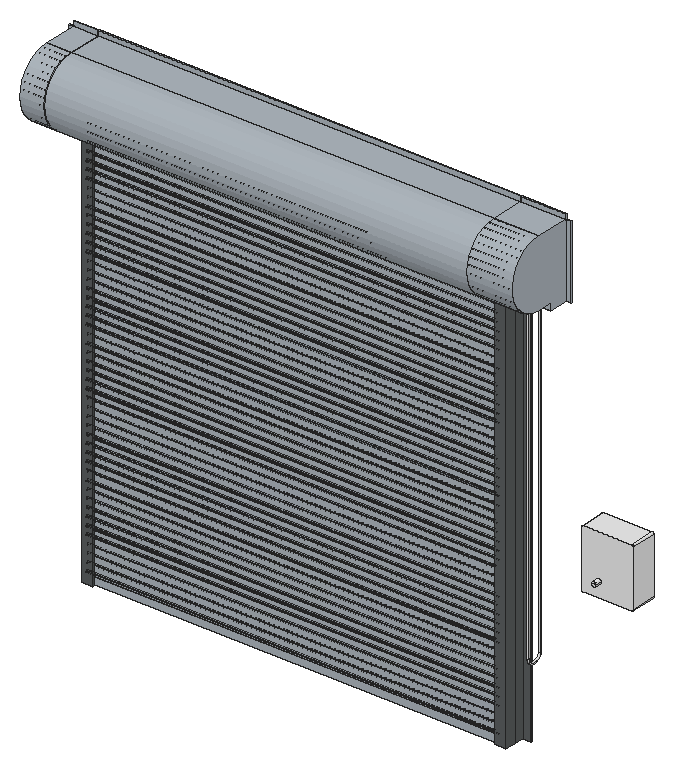
Revit family "Doors_Industrial_Wayne-Dalton_Advanced-Rolling-Door-System-Model-800C-ADV_", category Specialty Equipment, host Wall, Revit 2019
Family settings
  Host = Wall
  Round Connector Dimension = Use Diameter
  Part Type = Normal
  OmniClass Number = 23.30.10.21.34
  OmniClass Title = Industrial Doors
  Always vertical = Yes
  Cut with Voids When Loaded = Yes
  Shared = No
  Room Calculation Point = No
Parameters (values of type "208 volts, one phase, 60 Hz (208-240V range)")
  X Motor [instance] = if(or(Opening Height < 72", Opening Height = 72"), 18 1/2", if(or(Opening Height < 108", Opening Height = 108"), 20", if(or(Opening Height < 168", Opening Height = 168"), 22", 22")))  # 22"
  X ChainH [instance] = if(or(Opening Height < 72", Opening Height = 72"), 18 1/2", if(or(Opening Height < 108", Opening Height = 108"), 20", if(or(Opening Height < 168", Opening Height = 168"), 22", 22")))  # 22"
  Warning Sign [instance] = if(Calculated Area > 683.00 SF, 1 = 1, 1 = 2)  # no
  Warning (Note) [instance] = if(Warning Sign, "The Door Area is out of the limit; please adjust accordingly. The maximum allowed area is 683 sq. ft.", " ")  # " "
  Wall Thickness [instance] = 6"
  Voltage = 208 V
  True Opening Width [instance] = Clear Width  # 120"
  True Opening Height [instance] = Clear Height  # 120"
  Slat Type [instance] = "№34"  # constant formula
  Slat Option [instance] = 2  # constant formula
  Slat Length [instance] = Clear Width + G Value * 2 - 1" / 2 * 2  # 126"
  Slat Height [instance] = if(Slat < 2, 13 205/256", 12 1/4")  # 12 1/4"
  Slat [instance] = if(Slat Option < 2, 1, if(Slat Option = 2, 2, if(Slat Option = 3, 3, 4)))  # 2
  Side Room Right [instance] = 18"  # constant formula
  Side Room Left [instance] = 12"  # constant formula
  Product Page URL = "https://www.wayne-dalton.com/advanced-rolling-door-systems-800adv"
  Power Factor = 1
  Powder Coat (Note) = "Wayne Dalton also offers approximately 200 RAL powder coat options to complement the exterior colors of a building."  # constant formula
  Operator Visibility = yes
  Opening Width Real [instance] = if(Opening Width > Max Opening Width, Max Opening Width, if(Opening Width < Min Opening Width, Min Opening Width, Opening Width))  # 120"
  Opening Width [instance] = 120"
  Opening Height Real [instance] = if(Opening Height > Max Opening Height, Max Opening Height, if(Opening Height < Min Opening Height, Min Opening Height, Opening Height))  # 120"
  Opening Height [instance] = 120"
  One Array element [instance] = not(Array Vis)  # no
  Number of Poles = 1
  Min Opening Width [instance] = 18"  # constant formula
  Min Opening Height [instance] = 24"  # constant formula
  Max Opening Width [instance] = 360"  # constant formula
  Max Opening Height [instance] = 360"  # constant formula
  Material Finish [instance] = 800C ADV : Standard - Gray
  M Value [instance] = if(or(Opening Width < 108", Opening Width = 108"), 5 3/4", if(or(Opening Width < 180", Opening Width = 180"), 6 1/4", if(or(Opening Width < 240", Opening Width = 240"), 7 1/4", 9 1/4")))  # 6 1/4"
  Jambs Offset L [instance] = 0"  # constant formula
  Jambs Offset R [instance] = 0"  # constant formula
  Installation Real [instance] = Wall Thickness  # 6"
  Hood Type [instance] = "Round Hood"  # constant formula
  Hood Offset [instance] = 2"  # constant formula
  Hood Material [instance] = Metal - Wayne Dalton - Gray
  Hood Height [instance] = if(Chain Hoist or Manual, Y ChainH - 2", Y Motor - 2")  # 20"
  Y Motor [instance] = if(or(Opening Height < 72", Opening Height = 72"), 18 1/2", if(or(Opening Height < 108", Opening Height = 108"), 20", if(or(Opening Height < 168", Opening Height = 168"), 22", 22")))  # 22"
  Y ChainH [instance] = if(or(Opening Height < 72", Opening Height = 72"), 18 1/2", if(or(Opening Height < 108", Opening Height = 108"), 20", if(or(Opening Height < 168", Opening Height = 168"), 22", 22")))  # 22"
  Headroom Height Lift [instance] = Y Motor + Hood Offset  # 24"
  Headroom Height [instance] = Headroom Height Lift + 1 1/2"  # 25 1/2"
  Guide Type [instance] = "Angled Z Guide"  # constant formula
  Guid Depth [instance] = D Value  # 6 1/4"
  G Value [instance] = if(or(Opening Width < 108", Opening Width = 108"), 3", if(or(Opening Width < 180", Opening Width = 180"), 3 1/2", if(or(Opening Width < 240", Opening Width = 240"), 4", 5 9/16")))  # 3 1/2"
  Frequency = 60 Hz
  Face Of Wall Mounting [instance] = not(Between Jambs Mounting)  # yes
  Door Width True [instance] = Clear Width + M Value * 2  # 132 1/2"
  Door Width (Real) [instance] = Clear Width + 1" / 2  # 120 1/2"
  Door Height True [instance] = Clear Width + Headroom Height  # 145 1/2"
  Door Height (Real) [instance] = Clear Height + Hood Offset  # 122"
  URL = "https://www.wayne-dalton.com/"
  Product data url = "https://www.bimobject.com/wayne-dalton/product/advanced-rolling-door-systems-800c-adv"
  Product Guid = "f01131cd-de44-4067-903c-a55bd3c12f99"
  Model = "800C ADV"  # constant formula
  Manufacturer = "Wayne Dalton"  # constant formula
  Wall Closure = By host
  Floor To (CL) of Shaft [instance] = Clear Height + Hood Offset + 2" + Hood Height / 2  # 134"
  Finish Material = Finish - Wayne Dalton - Black
  Description = "Model 800C ADV Insulated Advanced Rolling Door System R-Value 7.7, U-Factor 0.13, STC 22"  # constant formula
  D Value Clearance [instance] = D Value  # 6 1/4"
  D Value [instance] = if(or(Opening Width < 108", Opening Width = 108"), 5 11/16", if(or(Opening Width < 180", Opening Width = 180"), 6 1/4", if(or(Opening Width < 240", Opening Width = 240"), 6 3/16", 7 1/16")))  # 6 1/4"
  Clearance [instance] = no
  Clear Width [instance] = Opening Width Real  # 120"
  Clear Height [instance] = Opening Height Real  # 120"
  Chain Hoist or Manual = no
  Current = 20 A
  Between Jambs Mounting [instance] = 1 = 2  # no
  Bar [instance] = 1 = 1  # yes
  Backroom Depth [instance] = X Motor - 1 1/2"  # 20 1/2"
  BJ Opening Cut [instance] = 0"  # constant formula
  Array Vis [instance] = if(Array < 2, 1 = 2, 1 = 1)  # yes
  Array Real [instance] = if(Array < 2, 2, Array)  # 10
  Array Length [instance] = (Array) * Slat Height  # 122 1/2"
  Array [instance] = rounddown(([Door Height (Real)] - 3") / Slat Height) + 1  # 10
  Calculated Area [instance] = [Door Width (Real)] * [Door Height (Real)]  # 102.09 SF
  Apparent Load Phase 3 = if(Number of Poles = 1, 0 VA, (Voltage * Current * sqrt(3)) / 3)  # 0 VA
  Apparent Load Phase 2 = if(Number of Poles = 1, 0 VA, (Voltage * Current * sqrt(3)) / 3)  # 0 VA
  Apparent Load Phase 1 = if(Number of Poles = 1, Voltage * Current, (Voltage * Current * sqrt(3)) / 3)  # 4160 VA
Reference planes (in)
  plane 1 "Center (Front/Back)": y = -14.625
  plane 2 "Center (Left/Right)": x = 0
  plane 3 "Left": x = -60
  plane 4 "Right": x = 60
  plane 5 "Exterior": y = -8.625
  plane 6 "Interior": y = -14.625
  plane 7: z = 120
  plane 8 "Main": y = -20.23437
  plane 9 "Backroom Depth": y = -35.125
  plane 10 "Main Door Block": y = -14.625
  plane 11 "Bottom Bar": z = 2.75
  plane 12: y = -20.875
  plane 13: z = 125.25
  plane 14: z = 144
  plane 15: z = 122
  plane 16: z = 145.5
  plane 17: z = 0
  plane 18: z = 60
  plane 19: y = -20.125
  plane 20 "Double Main": y = -19.656
  plane 21 "Headroom Top": z = 145.5
  plane 22: z = 134
  plane 23: x = 63.5
  plane 24: x = -63.5
  plane 25: z = 113
  plane 26: z = 124
  plane 27: x = 62.75
  plane 28: z = 2.75
  plane 29: y = -20.125
  plane 30: z = 113
  plane 31: y = -20.125
  plane 32: z = 15
  plane 33: y = -20.125
  plane 34: z = 27.25
  plane 35: y = -20.125
  plane 36: z = 39.5
  plane 37: y = -20.125
  plane 38: z = 51.75
  plane 39: y = -20.125
  plane 40: z = 64
  plane 41: y = -20.125
  plane 42: z = 76.25
  plane 43: y = -20.125
  plane 44: z = 88.5
  plane 45: y = -20.125
  plane 46: z = 100.75
  plane 47: y = -20.125
Forms (in)
  Extrusion 1, void
    sketch origin (0, -14.625, 0) x (0, 0, -1) y (-1, 0, 0)
      loop
        line (-120, 60) -> (-120, -60) -> (0, -60) -> (0, 60) -> (-120, 60)
    from 0 to 6
  Extrusion 2, solid, material "Metal - Wayne Dalton - Gray" <- "Hood Material", visible <- "Bar"
    sketch origin (0, 0, 0) x (0, 1, 0) y (0, 0, 1)
      loop
        line (-14.875, 144) -> (-14.625, 144) -> (-14.625, 145.5) -> (-14.875, 145.5) -> (-14.875, 144)
    from -63.25 to 63.25
  Extrusion 3, solid, material "Clearance - Wayne Dalton - Red", visible <- "Clearance"
    sketch origin (0, 0, 0) x (1, 0, 0) y (0, 1, 0)
      loop
        line (78.25, -14.625) -> (60.25, -14.625) -> (60.25, -20.875) -> (78.25, -20.875) -> (78.25, -14.625)
      loop
        line (-60.25, -14.625) -> (-72.25, -14.625) -> (-72.25, -20.875) -> (-60.25, -20.875) -> (-60.25, -14.625)
    from 0 to 122
Lines and regions (in)
  symbolic lines, visible <- "Bar"
    curve 1: line (63.25, -14.625, 0) -> (-63.25, -14.625, 0)
    curve 2: line (-63.25, -14.875, 0) -> (63.25, -14.875, 0)
Text (in)
  text "Exterior" at (-74.96733, 27.31104, 0), in view "Ref. Level"
  text "Interior" at (-74.96733, -25.14366, 0), in view "Ref. Level"
  text "Exterior" at (0, 40.15149, 123.01588), in view "Right"
  text "Interior" at (0, -64.39139, 123.01588), in view "Right"
  text "Interior" at (0, -31.01599, 123.00693), in view "Left"
  text "Exterior" at (0, 54.57065, 123.00693), in view "Left"
Dimensions and locks (in)
  equal spacing: plane 3 "Left", plane 2 "Center (Left/Right)", plane 4 "Right"
  "Clear Width": plane 3 "Left" to plane 4 "Right"
  level to host wall = 459.59655"
  "Clear Height": level to plane 7
  locked: plane 11 "Bottom Bar" to level at 2.75
  locked: plane 12 to plane 8 "Main" at 0.64063
  "Array Length": plane 13 to plane 11 "Bottom Bar"
  "Backroom Depth": plane 9 "Backroom Depth" to plane 10 "Main Door Block"
  locked: plane 16 to plane 14 at 1.5
  locked: Extrusion 2 sketch curve to Extrusion 2 sketch curve at 0.25
  "Installation Real": plane 1 "Center (Front/Back)" to plane 5 "Exterior"
  "Wall Thickness": host wall to host wall
  equal spacing: plane 7, plane 18, plane 17
  locked: plane 8 "Main" to plane 19 at 0.10937
  locked: plane 8 "Main" to plane 20 "Double Main" at 0.57837
  "BJ Opening Cut": Extrusion 1 sketch curve to plane 7
  locked: Extrusion 2 sketch curve to Extrusion 2 sketch curve at 1.5
  "Hood Offset": plane 15 to plane 7
  "Headroom Height": plane 21 "Headroom Top" to plane 7
  "Floor To (CL) of Shaft": plane 22 to level
  "Jambs Offset R": plane 4 "Right" to Extrusion 1 sketch curve
  "Jambs Offset L": Extrusion 1 sketch curve to plane 3 "Left"
  "G Value": plane 23 to plane 4 "Right"
  "G Value": plane 3 "Left" to plane 24
  "Guid Depth": plane 12 to plane 1 "Center (Front/Back)"
  "Slat Height": plane 13 to plane 25
  equal spacing: group 1, group 3, group 4, group 5, group 6, group 7, group 8, group 9, group 10, group 2  (x3)
  locked: plane 23 to Extrusion 2 at 0.25
  locked: plane 24 to Extrusion 2 at 0.25
  locked: plane 26 to plane 15 at 2
  "Hood Height": plane 14 to plane 26
  locked: plane 4 "Right" to plane 27 at 2.75
  "D Value Clearance": Extrusion 3 sketch curve to Extrusion 3 sketch curve
  locked: plane 4 "Right" to Extrusion 3 sketch curve at 0.25
  "Side Room Right": Extrusion 3 sketch curve to Extrusion 3 sketch curve
  locked: Extrusion 3 sketch curve to plane 3 "Left" at 0.25
  "Side Room Left": Extrusion 3 sketch curve to Extrusion 3 sketch curve
  aligned and locked: plane 5 "Exterior" to host wall
  aligned and locked: host wall to plane 6 "Interior"
  aligned and locked: level to Extrusion 1 sketch curve
  aligned and locked: Extrusion 1 to plane 5 "Exterior"
  aligned and locked: plane 6 "Interior" to Extrusion 1
  aligned and locked: Extrusion 2 sketch curve to plane 16
  aligned and locked: Extrusion 2 sketch curve to plane 6 "Interior"
  aligned and locked: curve 1 to Extrusion 2  (x2)
  aligned and locked: curve 2 to Extrusion 2  (x2)
  aligned and locked: Extrusion 2 to curve 2
  aligned and locked: level to plane 17
  aligned and locked: plane 2 "Center (Left/Right)" to nested 1
  aligned and locked: nested 2 to plane 2 "Center (Left/Right)"
  aligned and locked: nested 3 to plane 18
  aligned and locked: plane 2 "Center (Left/Right)" to nested 3
  aligned and locked: plane 11 "Bottom Bar" to nested 5
  aligned and locked: plane 19 to nested 5
  aligned and locked: nested 3 to plane 19
  aligned and locked: plane 17 to nested 12
  aligned and locked: nested 12 to plane 2 "Center (Left/Right)"
  aligned and locked: nested 12 to plane 1 "Center (Front/Back)"
  aligned and locked: Extrusion 3 sketch curve to plane 1 "Center (Front/Back)"
  aligned and locked: plane 1 "Center (Front/Back)" to Extrusion 3 sketch curve
  aligned and locked: Extrusion 3 sketch curve to Extrusion 3 sketch curve
  aligned and locked: Extrusion 3 to level
  aligned and locked: plane 15 to Extrusion 3
  aligned and locked: plane 11 "Bottom Bar" to plane 28
  aligned and locked: plane 19 to plane 29
  aligned and locked: plane 25 to plane 30
  aligned and locked: plane 31 to plane 19
  aligned and locked: plane 10 "Main Door Block" to plane 1 "Center (Front/Back)"
Automatic sketch dimensions
  plane 23 to curve 1 = 1/4"
Nested families (in)
  nested 1: "Label Annotation 1" at (0, 18.375, 0), visible <- "Warning Sign", type "Label Annotation 1"
  nested 2: "Label Annotation 1" at (0, -41.625, 0) x (-1, 0, 0) z (0, 0, 1), visible <- "Warning Sign", type "Label Annotation 1"
  nested 3: "Warning Sign" at (0, -20.125, 60), visible <- "Warning Sign", type "Warning Sign"
    with Warning Sign no
  nested 4: "800C ADV" at (0, -20.125, 2.75), Slat Option <- "Slat Option", Opening Width <- "Slat Length", type <- "Material Finish", visible <- "Array Vis", type "Standard - Gray"
    with Void Width 3/4", Void Offset 1", Void Height 3/4", Slat Width 3/4", Slat Position + Offset 13.146", Slat Position 12 1/4", Slat Option 2, Secure-Vent no, Profile #34 yes, Perforation no, Opening Width 126", Integrated Cutout no, Half Void Width 3/8", Fenestration no, Cutout Width Offset 1", Cutout Vertical Offset 0.896", #4 no, # 34 yes
  nested 5: "800C ADV" at (0, -20.125, 2.75), visible <- "One Array element", Slat Option <- "Slat Option", Opening Width <- "Slat Length", type <- "Material Finish", type "Standard - Gray"
    with Void Width 3/4", Void Offset 1", Void Height 3/4", Slat Width 3/4", Slat Position + Offset 13.146", Slat Position 12 1/4", Slat Option 2, Secure-Vent no, Profile #34 yes, Perforation no, Opening Width 126", Integrated Cutout no, Half Void Width 3/8", Fenestration no, Cutout Width Offset 1", Cutout Vertical Offset 0.896", #4 no, # 34 yes
  nested 6: "800C ADV" at (0, -20.125, 113), Slat Option <- "Slat Option", Opening Width <- "Slat Length", type <- "Material Finish", visible <- "Array Vis", type "Standard - Gray"
    with Void Width 3/4", Void Offset 1", Void Height 3/4", Slat Width 3/4", Slat Position + Offset 13.146", Slat Position 12 1/4", Slat Option 2, Secure-Vent no, Profile #34 yes, Perforation no, Opening Width 126", Integrated Cutout no, Half Void Width 3/8", Fenestration no, Cutout Width Offset 1", Cutout Vertical Offset 0.896", #4 no, # 34 yes
  nested 7: "800C ADV" at (0, -20.125, 15), Slat Option <- "Slat Option", Opening Width <- "Slat Length", type <- "Material Finish", visible <- "Array Vis", type "Standard - Gray"
    with Void Width 3/4", Void Offset 1", Void Height 3/4", Slat Width 3/4", Slat Position + Offset 13.146", Slat Position 12 1/4", Slat Option 2, Secure-Vent no, Profile #34 yes, Perforation no, Opening Width 126", Integrated Cutout no, Half Void Width 3/8", Fenestration no, Cutout Width Offset 1", Cutout Vertical Offset 0.896", #4 no, # 34 yes
  nested 8: "800C ADV" at (0, -20.125, 27.25), Slat Option <- "Slat Option", Opening Width <- "Slat Length", type <- "Material Finish", visible <- "Array Vis", type "Standard - Gray"
    with Void Width 3/4", Void Offset 1", Void Height 3/4", Slat Width 3/4", Slat Position + Offset 13.146", Slat Position 12 1/4", Slat Option 2, Secure-Vent no, Profile #34 yes, Perforation no, Opening Width 126", Integrated Cutout no, Half Void Width 3/8", Fenestration no, Cutout Width Offset 1", Cutout Vertical Offset 0.896", #4 no, # 34 yes
  nested 9: "800C ADV" at (0, -20.125, 39.5), Slat Option <- "Slat Option", Opening Width <- "Slat Length", type <- "Material Finish", visible <- "Array Vis", type "Standard - Gray"
    with Void Width 3/4", Void Offset 1", Void Height 3/4", Slat Width 3/4", Slat Position + Offset 13.146", Slat Position 12 1/4", Slat Option 2, Secure-Vent no, Profile #34 yes, Perforation no, Opening Width 126", Integrated Cutout no, Half Void Width 3/8", Fenestration no, Cutout Width Offset 1", Cutout Vertical Offset 0.896", #4 no, # 34 yes
  nested 10: "800C ADV" at (0, -20.125, 51.75), Slat Option <- "Slat Option", Opening Width <- "Slat Length", type <- "Material Finish", visible <- "Array Vis", type "Standard - Gray"
    with Void Width 3/4", Void Offset 1", Void Height 3/4", Slat Width 3/4", Slat Position + Offset 13.146", Slat Position 12 1/4", Slat Option 2, Secure-Vent no, Profile #34 yes, Perforation no, Opening Width 126", Integrated Cutout no, Half Void Width 3/8", Fenestration no, Cutout Width Offset 1", Cutout Vertical Offset 0.896", #4 no, # 34 yes
  nested 11: "800C ADV" at (0, -20.125, 64), Slat Option <- "Slat Option", Opening Width <- "Slat Length", type <- "Material Finish", visible <- "Array Vis", type "Standard - Gray"
    with Void Width 3/4", Void Offset 1", Void Height 3/4", Slat Width 3/4", Slat Position + Offset 13.146", Slat Position 12 1/4", Slat Option 2, Secure-Vent no, Profile #34 yes, Perforation no, Opening Width 126", Integrated Cutout no, Half Void Width 3/8", Fenestration no, Cutout Width Offset 1", Cutout Vertical Offset 0.896", #4 no, # 34 yes
  nested 12: "Lifts" at (0, -14.625, 0) x (-1, 0, 0) z (0, 0, 1), type "Frame Unit"
    with Round Hood yes, Right Motor Position yes, No Hood no, Hood Height 22", Headroom Height Real 24", Half Hood Height 22", Shaft Offset 10", Radius Hood 10", Headroom Height 24", Header Width 20 1/2", Floor To (CL) of Shaft 134"
  nested 13: "800C ADV" at (0, -20.125, 76.25), Slat Option <- "Slat Option", Opening Width <- "Slat Length", type <- "Material Finish", visible <- "Array Vis", type "Standard - Gray"
    with Void Width 3/4", Void Offset 1", Void Height 3/4", Slat Width 3/4", Slat Position + Offset 13.146", Slat Position 12 1/4", Slat Option 2, Secure-Vent no, Profile #34 yes, Perforation no, Opening Width 126", Integrated Cutout no, Half Void Width 3/8", Fenestration no, Cutout Width Offset 1", Cutout Vertical Offset 0.896", #4 no, # 34 yes
  nested 14: "800C ADV" at (0, -20.125, 88.5), Slat Option <- "Slat Option", Opening Width <- "Slat Length", type <- "Material Finish", visible <- "Array Vis", type "Standard - Gray"
    with Void Width 3/4", Void Offset 1", Void Height 3/4", Slat Width 3/4", Slat Position + Offset 13.146", Slat Position 12 1/4", Slat Option 2, Secure-Vent no, Profile #34 yes, Perforation no, Opening Width 126", Integrated Cutout no, Half Void Width 3/8", Fenestration no, Cutout Width Offset 1", Cutout Vertical Offset 0.896", #4 no, # 34 yes
  nested 15: "800C ADV" at (0, -20.125, 100.75), Slat Option <- "Slat Option", Opening Width <- "Slat Length", type <- "Material Finish", visible <- "Array Vis", type "Standard - Gray"
    with Void Width 3/4", Void Offset 1", Void Height 3/4", Slat Width 3/4", Slat Position + Offset 13.146", Slat Position 12 1/4", Slat Option 2, Secure-Vent no, Profile #34 yes, Perforation no, Opening Width 126", Integrated Cutout no, Half Void Width 3/8", Fenestration no, Cutout Width Offset 1", Cutout Vertical Offset 0.896", #4 no, # 34 yes
Connectors (in)
  electrical at (95, -22.165, 59.98825), driven by "Apparent Load Phase 1", driven by "Apparent Load Phase 2", driven by "Apparent Load Phase 3", driven by "Power Factor", driven by "Voltage", driven by "Number of Poles"
    settings: on nested 12, index 1, voltage 208 V, apparent load 0 VA, apparent load phase1 4160 VA, apparent load phase2 0 VA, apparent load phase3 0 VA, power factor 1, load classification "Other", number of poles 1, system type 31, power factor state 1, is connector primary yes, connector utility no, sub classification motor no, connector description "Electrical Connector"
Definition of nested family "800C ADV"
  Parameters (values of type "Standard - Biege")
    Void Width [instance] = 3/4"  # constant formula
    Void Offset [instance] = if(Integrated Cutout, 0", 1")  # 1"
    Void Height [instance] = if([Secure-Vent], 2.2", 3/4")  # 3/4"
    Standard = yes
    Slat Width [instance] = if(Slat Option < 2, 7/8", 3/4")  # 7/8"
    Slat Position + Offset [instance] = Slat Position + Cutout Vertical Offset  # 14.696"
    Slat Position [instance] = if(Slat Option < 2, 2.76" * 5, 2.45" * 5)  # 13.8"
    Slat Option [instance] = 1
    Secure-Vent [instance] = if(Slat Option > 2, 1 = 1, 1 = 2)  # no
    Rough Height = 0"
    Profile #34 [instance] = or(# 34, [Secure-Vent])  # no
    Perforation [instance] = [Secure-Vent]  # no
    Half Void Width [instance] = Void Width / 2  # 3/8"
    Fenestration Large = no
    Fenestration [instance] = if(and(Integrated Cutout, not(Perforation)), 1 = 1, 1 = 2)  # no
    Cutout Width Offset [instance] = 1"  # constant formula
    Cutout Material Perforation = none
    Cutout Material = none
    Panel Material = none
    Opening Width [instance] = 123 5/8"
    Cutout Vertical Offset [instance] = 0.896"  # constant formula
    Default Elevation = 48"
    Integrated Cutout [instance] = if(and(Fenestration Large, Slat Option = 2), 1 = 1, if(and(Perforation, Slat Option > 2), 1 = 1, 1 = 2))  # no
    Analytic Construction = "<None>"
    #4 [instance] = if(Slat Option < 2, 1 = 1, 1 = 2)  # yes
    # 34 [instance] = if(Slat Option = 2, 1 = 1, 1 = 2)  # no
  Types (6): name | Standard | Fenestration Large
    Standard - White | yes | no
    Standard - Gray | yes | no
    Vision lites 0.75”x5” - Gray | no | yes
    Vision lites 0.75”x5” - Beige | no | yes
    Vision lites 0.75”x5” - White | no | yes
    Standard - Biege | yes | no
  Reference planes (in)
    plane 1 "Center (Front/Back)": y = 0
    plane 2: z = 0
    plane 3 "Center (Left/Right)": x = 0
    plane 4: x = -61.8125
    plane 5: x = 61.8125
    plane 6: y = 0.875
    plane 7: y = 0
    plane 8: y = 0.4375
    plane 9: y = 0.5
    plane 10: x = -60.8125
    plane 11: x = 60.8125
  Forms (in)
    Extrusion 1, solid, material <- "Panel Material", visible <- "Profile #34"
      sketch origin (0, -4.98186, 13.12534) x (0, 1, 0) y (0, 0, 1)
        loop
          arc (5.73195, -8.66795) -> (5.71054, -8.61155) -> (5.65711, -8.58356) r 0.085
          line (5.65711, -8.58356) -> (5.18025, -8.52611) -> (5.64695, -8.52611)
          arc (5.64695, -8.52611) -> (5.70705, -8.50122) -> (5.73195, -8.44111) r 0.085
          line (5.73195, -8.44111) -> (5.73195, -6.21795)
          arc (5.73195, -6.21795) -> (5.71054, -6.16155) -> (5.65711, -6.13356) r 0.085
          line (5.65711, -6.13356) -> (5.18025, -6.07611) -> (5.64695, -6.07611)
          arc (5.64695, -6.07611) -> (5.70705, -6.05122) -> (5.73195, -5.99111) r 0.085
          line (5.73195, -5.99111) -> (5.73195, -3.76795)
          arc (5.73195, -3.76795) -> (5.71054, -3.71155) -> (5.65711, -3.68356) r 0.085
          line (5.65711, -3.68356) -> (5.18025, -3.62611) -> (5.64695, -3.62611)
          arc (5.64695, -3.62611) -> (5.70705, -3.60122) -> (5.73195, -3.54111) r 0.085
          line (5.73195, -3.54111) -> (5.73195, -1.31795)
          arc (5.73195, -1.31795) -> (5.71054, -1.26155) -> (5.65711, -1.23356) r 0.085
          line (5.65711, -1.23356) -> (5.06395, -1.16211)
          arc (5.06395, -1.16211) -> (5.04824, -1.15387) -> (5.04194, -1.13729) r 0.025
          line (5.04194, -1.13729) -> (5.04194, -1.02403)
          arc (5.04194, -1.02403) -> (5.39312, -0.79238) -> (4.98194, -0.88137) r 0.214
          line (4.98194, -0.88137) -> (4.98194, -3.07421)
          arc (4.98194, -3.07421) -> (5.3755, -3.06636) -> (5.67195, -3.32534) r 0.54569
          line (5.67195, -3.32534) -> (5.67195, -3.54111)
          arc (5.67195, -3.54111) -> (5.66462, -3.55879) -> (5.64695, -3.56611) r 0.025
          line (5.64695, -3.56611) -> (5.04194, -3.56611) -> (5.04194, -3.47403)
          arc (5.04194, -3.47403) -> (5.39312, -3.24238) -> (4.98194, -3.33137) r 0.214
          line (4.98194, -3.33137) -> (4.98194, -5.52421)
          arc (4.98194, -5.52421) -> (5.3755, -5.51636) -> (5.67195, -5.77534) r 0.54569
          line (5.67195, -5.77534) -> (5.67195, -5.99111)
          arc (5.67195, -5.99111) -> (5.66462, -6.00879) -> (5.64695, -6.01611) r 0.025
          line (5.64695, -6.01611) -> (5.04194, -6.01611) -> (5.04194, -5.92403)
          arc (5.04194, -5.92403) -> (5.39312, -5.69238) -> (4.98194, -5.78137) r 0.214
          line (4.98194, -5.78137) -> (4.98194, -7.97421)
          arc (4.98194, -7.97421) -> (5.3755, -7.96636) -> (5.67195, -8.22534) r 0.54569
          line (5.67195, -8.22534) -> (5.67195, -8.44111)
          arc (5.67195, -8.44111) -> (5.66462, -8.45879) -> (5.64695, -8.46611) r 0.025
          line (5.64695, -8.46611) -> (5.04194, -8.46611) -> (5.04194, -8.37403)
          arc (5.04194, -8.37403) -> (5.39312, -8.14238) -> (4.98194, -8.23137) r 0.214
          line (4.98194, -8.23137) -> (4.98194, -10.42421)
          arc (4.98194, -10.42421) -> (5.3755, -10.41636) -> (5.67195, -10.67534) r 0.54569
          line (5.67195, -10.67534) -> (5.67195, -10.89111)
          arc (5.67195, -10.89111) -> (5.66462, -10.90879) -> (5.64695, -10.91611) r 0.025
          line (5.64695, -10.91611) -> (5.04194, -10.91611) -> (5.04194, -10.82403)
          arc (5.04194, -10.82403) -> (5.39312, -10.59238) -> (4.98194, -10.68137) r 0.214
          line (4.98194, -10.68137) -> (4.98194, -12.87421)
          arc (4.98194, -12.87421) -> (5.3755, -12.86636) -> (5.67195, -13.12534) r 0.54569
          line (5.67195, -13.12534) -> (5.67195, -13.34111)
          arc (5.67195, -13.34111) -> (5.66462, -13.35879) -> (5.64695, -13.36611) r 0.025
          line (5.64695, -13.36611) -> (5.04195, -13.36611) -> (5.04195, -13.2739)
          arc (5.04195, -13.2739) -> (5.39421, -13.04524) -> (4.98195, -13.12534) r 0.21392
          line (4.98195, -13.12534) -> (4.98195, -13.34111)
          arc (4.98195, -13.34111) -> (5.00684, -13.40122) -> (5.06695, -13.42611) r 0.085
          line (5.06695, -13.42611) -> (5.64695, -13.42611)
          arc (5.64695, -13.42611) -> (5.70705, -13.40122) -> (5.73195, -13.34111) r 0.085
          line (5.73195, -13.34111) -> (5.73195, -11.11795)
          arc (5.73195, -11.11795) -> (5.71054, -11.06155) -> (5.65711, -11.03356) r 0.085
          line (5.65711, -11.03356) -> (5.18025, -10.97611) -> (5.64695, -10.97611)
          arc (5.64695, -10.97611) -> (5.70705, -10.95122) -> (5.73195, -10.89111) r 0.085
          line (5.73195, -10.89111) -> (5.73195, -8.66795)
      from -61.8125 to 61.8125
    Extrusion 2, void
      sketch origin (0, 0, 0) x (0, 1, 0) y (0, 0, 1)
        loop
          line (1.125, 1.271) -> (1.125, 0.521) -> (1.875, 0.521) -> (1.875, 1.271) -> (1.125, 1.271)
        loop
          line (1.125, 4.031) -> (1.125, 3.281) -> (1.875, 3.281) -> (1.875, 4.031) -> (1.125, 4.031)
        loop
          line (1.125, 6.791) -> (1.125, 6.041) -> (1.875, 6.041) -> (1.875, 6.791) -> (1.125, 6.791)
        loop
          line (1.125, 9.551) -> (1.125, 8.801) -> (1.875, 8.801) -> (1.875, 9.551) -> (1.125, 9.551)
        loop
          line (1.125, 12.311) -> (1.125, 11.561) -> (1.875, 11.561) -> (1.875, 12.311) -> (1.125, 12.311)
      from -60.8125 to 60.8125
  Cuts and joins
    Extrusion 2 cuts Extrusion 1
  Lines and regions (in)
    reference lines
      curve 1: line (0, -4.98186, 12.78) -> (0, 10.3327, 12.78)
      curve 2: line (0, -2.86663, 14.696) -> (0, 7.97837, 14.696)
      curve 3: line (0, -2.86663, 11.936) -> (0, 7.97837, 11.936)
      curve 4: line (0, -2.86663, 9.176) -> (0, 7.97837, 9.176)
      curve 5: line (0, -2.86663, 6.416) -> (0, 7.97837, 6.416)
      curve 6: line (0, -2.86663, 0.896) -> (0, 7.97837, 0.896)
      curve 7: line (0, -2.86663, 3.656) -> (0, 7.97837, 3.656)
  Dimensions and locks (in)
    equal spacing: plane 4, plane 3 "Center (Left/Right)", plane 5
    "Opening Width": plane 4 to plane 5
    "Slat Width": plane 1 "Center (Front/Back)" to plane 6
    equal spacing: plane 1 "Center (Front/Back)", plane 8, plane 6
    "Half Void Width": plane 9 to plane 6
    "Cutout Width Offset": plane 4 to plane 10
    "Cutout Width Offset": plane 5 to plane 11
    "Void Height": Extrusion 2 sketch curve to Extrusion 2 sketch curve  (x5)
    "Void Width": Extrusion 2 sketch curve to Extrusion 2 sketch curve
    "Void Offset": plane 6 to Extrusion 2 sketch curve
    locked: curve 1 to level at 12.78
    "Slat Position": curve 6 to curve 2
    equal spacing: Extrusion 2 sketch curve, curve 3, Extrusion 2 sketch curve
    equal spacing: Extrusion 2 sketch curve, curve 4, Extrusion 2 sketch curve
    equal spacing: Extrusion 2 sketch curve, curve 6, Extrusion 2 sketch curve
    equal spacing: Extrusion 2 sketch curve, curve 5, Extrusion 2 sketch curve
    equal spacing: curve 6, curve 7, curve 5, curve 4, curve 3, curve 2
    equal spacing: Extrusion 2 sketch curve, curve 7, Extrusion 2 sketch curve
    "Cutout Vertical Offset": curve 6 to plane 2
    aligned and locked: plane 2 to level
    aligned and locked: plane 1 "Center (Front/Back)" to plane 7
    aligned and locked: plane 5 to Extrusion 1
    aligned and locked: plane 4 to Extrusion 1
    aligned and locked: plane 9 to nested 1
    aligned and locked: plane 3 "Center (Left/Right)" to nested 1
    aligned and locked: Extrusion 2 sketch curve to Extrusion 2 sketch curve  (x8)
    aligned and locked: plane 10 to Extrusion 2
    aligned and locked: plane 11 to Extrusion 2
    aligned and locked: plane 3 "Center (Left/Right)" to nested 2
    aligned and locked: plane 3 "Center (Left/Right)" to nested 3
    aligned and locked: plane 3 "Center (Left/Right)" to nested 4
    aligned and locked: plane 3 "Center (Left/Right)" to nested 5
    aligned and locked: plane 9 to nested 2
    aligned and locked: plane 9 to nested 3
    aligned and locked: plane 9 to nested 4
    aligned and locked: plane 9 to nested 5
    aligned and locked: plane 9 to nested 10
    aligned and locked: plane 9 to nested 9
    aligned and locked: plane 9 to nested 8
    aligned and locked: plane 9 to nested 7
    aligned and locked: plane 9 to nested 6
  Automatic sketch dimensions
    plane 1 "Center (Front/Back)" to curve 1 = 4.98186"
    plane 1 "Center (Front/Back)" to curve 7 = 2.86663"
    curve 1 to curve 2 = 2.11523"
    curve 5 to curve 7 = 0"
    curve 3 to curve 2 = 0"  (x2)
    curve 6 to curve 7 = 0"
    curve 4 to curve 3 = 0"
    curve 2 to plane 6 = 7.10337"
    curve 5 to plane 6 = 7.10337"
    curve 4 to curve 5 = 0"
    curve 6 to curve 5 = 0"
    curve 7 to curve 5 = 0"
    curve 2 to curve 1 = 2.35433"
    Extrusion 1 sketch curve to Extrusion 1 sketch curve = 0"  (x26)
    curve 1 to Extrusion 1 sketch curve = 4.98194"
    curve 1 to Extrusion 1 sketch curve = 0.53603"
    Extrusion 1 sketch curve to Extrusion 1 sketch curve = 0.06"  (x9)
    curve 1 to Extrusion 1 sketch curve = 0.81676"
    Extrusion 1 sketch curve to Extrusion 1 sketch curve = 0.02201"
    Extrusion 1 sketch curve to Extrusion 1 sketch curve = 0.00299"
    Extrusion 1 sketch curve to Extrusion 1 sketch curve = 0.025"  (x6)
    Extrusion 1 sketch curve to Extrusion 1 sketch curve = 0.1383"  (x4)
    Extrusion 1 sketch curve to Extrusion 1 sketch curve = 0.00862"  (x4)
    Extrusion 1 sketch curve to Extrusion 1 sketch curve = 0.12192"
    Extrusion 1 sketch curve to Extrusion 1 sketch curve = 0.21392"  (x5)
    Extrusion 1 sketch curve to Extrusion 1 sketch curve = 0.15392"
    Extrusion 1 sketch curve to Extrusion 1 sketch curve = 0.45808"  (x5)
    Extrusion 1 sketch curve to Extrusion 1 sketch curve = 0.58299"
    Extrusion 1 sketch curve to Extrusion 1 sketch curve = 0.01017"  (x5)
    curve 1 to Extrusion 1 sketch curve = 3.33821"
    curve 1 to Extrusion 1 sketch curve = 0.88821"
    Extrusion 1 sketch curve to Extrusion 1 sketch curve = 0.085"
    Extrusion 1 sketch curve to Extrusion 1 sketch curve = 1.75626"  (x4)
    Extrusion 1 sketch curve to Extrusion 1 sketch curve = 0.25114"  (x4)
    Extrusion 1 sketch curve to Extrusion 1 sketch curve = 0.00603"  (x3)
    Extrusion 1 sketch curve to Extrusion 1 sketch curve = 0.21577"  (x4)
    Extrusion 1 sketch curve to Extrusion 1 sketch curve = 0.2538"
    Extrusion 1 sketch curve to Extrusion 1 sketch curve = 0.06721"
    Extrusion 1 sketch curve to Extrusion 1 sketch curve = 0.04697"
    Extrusion 1 sketch curve to Extrusion 1 sketch curve = 0.09209"
    Extrusion 1 sketch curve to Extrusion 1 sketch curve = 0.14265"
    Extrusion 1 sketch curve to Extrusion 1 sketch curve = 0.11326"
  Nested families (in)
    nested 1: "Perforation" at (0, 0.5, 0.896), visible <- "Fenestration", Perforation <- "Cutout Material", type "Perforation"
      with Thickness 3/4"
    nested 2: "Perforation" at (0, 0.5, 3.656), visible <- "Fenestration", Perforation <- "Cutout Material", type "Perforation"
      with Thickness 3/4"
    nested 3: "Perforation" at (0, 0.5, 6.416), visible <- "Fenestration", Perforation <- "Cutout Material", type "Perforation"
      with Thickness 3/4"
    nested 4: "Perforation" at (0, 0.5, 9.176), visible <- "Fenestration", Perforation <- "Cutout Material", type "Perforation"
      with Thickness 3/4"
    nested 5: "Perforation" at (0, 0.5, 11.936), visible <- "Fenestration", Perforation <- "Cutout Material", type "Perforation"
      with Thickness 3/4"
    nested 6: "Perforation" at (0, 0.5, 11.936), visible <- "Perforation", Perforation <- "Cutout Material Perforation", type "Perforation"
      with Perforation none, Thickness 3/4"
    nested 7: "Perforation" at (0, 0.5, 9.176), visible <- "Perforation", Perforation <- "Cutout Material Perforation", type "Perforation"
      with Perforation none, Thickness 3/4"
    nested 8: "Perforation" at (0, 0.5, 6.416), visible <- "Perforation", Perforation <- "Cutout Material Perforation", type "Perforation"
      with Perforation none, Thickness 3/4"
    nested 9: "Perforation" at (0, 0.5, 3.656), visible <- "Perforation", Perforation <- "Cutout Material Perforation", type "Perforation"
      with Perforation none, Thickness 3/4"
    nested 10: "Perforation" at (0, 0.5, 0.896), visible <- "Perforation", Perforation <- "Cutout Material Perforation", type "Perforation"
      with Perforation none, Thickness 3/4"
  Definition of nested family "Perforation"
    Parameters (values of type "Perforation")
      Thickness = 0.06"
      Perforation [instance] = none
      Opening Width = 123 5/8"
      Offset = 1"
      Height = 3/4"
      Default Elevation = 48"
    Reference planes (in)
      plane 1 "Center (Front/Back)": y = 0
      plane 2: z = 0
      plane 3 "Center (Left/Right)": x = 0
      plane 4: z = 0.375
      plane 5: z = -0.375
      plane 6: y = -0.03
      plane 7: y = 0.03
      plane 8: x = -61.8125
      plane 9: x = 61.8125
      plane 10: x = -60.8125
      plane 11: x = 60.8125
    Forms (in)
      Extrusion 1, solid, material <- "Perforation"
        sketch origin (0, -0.19, 0) x (0, 1, 0) y (0, 0, 1)
          loop
            line (0.16, 0.375) -> (0.16, -0.375) -> (0.22, -0.375) -> (0.22, 0.375) -> (0.16, 0.375)
        from -60.8125 to 60.8125
    Dimensions and locks (in)
      equal spacing: plane 4, level, plane 5
      "Height": plane 4 to plane 5
      equal spacing: plane 6, plane 1 "Center (Front/Back)", plane 7
      "Thickness": plane 6 to plane 7
      "Opening Width": plane 8 to plane 9
      "Offset": plane 8 to plane 10
      "Offset": plane 9 to plane 11
      equal spacing: plane 8, plane 3 "Center (Left/Right)", plane 9
      aligned and locked: plane 2 to level
      aligned and locked: plane 4 to Extrusion 1
      aligned and locked: Extrusion 1 to plane 5
      aligned and locked: plane 6 to Extrusion 1
      aligned and locked: plane 7 to Extrusion 1
      aligned and locked: Extrusion 1 to plane 10
      aligned and locked: plane 11 to Extrusion 1
    Automatic sketch dimensions
      Extrusion 1 sketch curve to level = 3/8"
      plane 1 "Center (Front/Back)" to Extrusion 1 sketch curve = 0.03"
      Extrusion 1 sketch curve to plane 1 "Center (Front/Back)" = 0.03"
      plane 4 to Extrusion 1 sketch curve = 0"
Definition of nested family "Lifts"
  Parameters (values of type "Frame Unit")
    True Width = if(Between Jambs, Opening Width, Opening Width + 1/2")  # 120 1/2"
    Slat Option = 1
    Side Clearance R Real = Side Clearance R + 1/4"  # 18 1/4"
    Side Clearance R = 18"
    Side Clearance L Real = Side Clearance L + 1/4"  # 12 1/4"
    Side Clearance L = 12"
    Round Hood [instance] = 1 = 1  # yes
    Rough Width = 0"
    Rough Height = 0"
    Right Motor Position [instance] = yes
    No Hood [instance] = no
    M Value = 6 1/4"
    Hood Offset = 2"
    Hood Height = Headroom Height Real - Hood Offset  # 18 1/2"
    Headroom Height Real = Headroom Height  # 20 1/2"
    Half Hood Height = Headroom Height - Hood Offset  # 18 1/2"
    Guide Z Wide R = M Value - G Value  # 2 3/4"
    Guide Z Wide L = M Value - G Value  # 2 3/4"
    Guide Offset R = BJ Displacement R + G Value  # 3 1/2"
    Guide Offset L = BJ Displacement L + G Value  # 3 1/2"
    G Value = 3 1/2"
    E Guide Width R = if(Between Jambs, Guide Offset R - G Value, 3")  # 3"
    E Guide Width L = if(Between Jambs, Guide Offset L - G Value, 3")  # 3"
    E Guide Height = 3"  # constant formula
    Z Guide = 1 = 1  # yes
    Slat Material = none
    Shaft Offset = (Hood Height - 2") / 2  # 8 1/4"
    Shaft Material = none
    Shaft Length 2 = G Value + 4"  # 7 1/2"
    Shaft Length 1 = G Value + 4"  # 7 1/2"
    Setback = if(Between Jambs, 0", 1/4")  # 1/4"
    Radius Hood = Shaft Offset  # 8 1/4"
    Opening Width = 120"
    Hood Material = none
    Headroom Height = 20 1/2"
    Header Width = 17"
    Opening Height = 120"
    Guide Type = if(Between Jambs, "Angled Between Jambs Z Guide", if(Guide Option > 1, "Angled Z Guide", "Angled E Guide"))  # "Angled Z Guide"
    Guide Option = if(Between Jambs, 1, 2)  # 2
    Guide Z Height = 3"  # constant formula
    Floor To (CL) of Shaft = 132 1/4"
    Finish Material = none
    Face to Wall Mount = not(Between Jambs)  # yes
    E Guide = if(Between Jambs, 1 = 1, 1 = 2)  # no
    D Value = 6 1/4"
    Chain offset = if(Opening Height < 35", Opening Height - 5", 30")  # 30"
    Between Jambs = no
    BJ Position = if(Between Jambs, 1/4", 0")  # 0"
    BJ Displacement R = if(Face to Wall Mount, 0", Side Clearance R - G Value)  # 0"
    BJ Displacement L = if(Face to Wall Mount, 0", Side Clearance L - G Value)  # 0"
    Angled Guide = 1 = 1  # yes
  Reference planes (in)
    plane 1 "Center (Front/Back)": y = 0
    plane 2: z = 0
    plane 3 "Center (Left/Right)": x = 0
    plane 4 "Opening Height": z = 120
    plane 5: x = -67.5
    plane 6: x = 67.5
    plane 7: z = 140.5
    plane 8: y = 17
    plane 9 "Real Opening 2": x = -60
    plane 10 "Real Opening 1": x = 60
    plane 11: z = 122
    plane 12 "Main": y = 0
    plane 13: z = 132.25
    plane 14: x = 63.5
    plane 15: x = -63.5
    plane 16: x = -63.5
    plane 17: x = 63.5
    plane 18: y = 6.25
    plane 19: x = -63.25
    plane 20: x = 63.25
    plane 21: z = 142
    plane 22: y = 6.25
    plane 23: y = 5.125
    plane 24: y = 6.25
    plane 25: y = 5.125
    plane 26: x = 70.75
    plane 27: x = -76.75
    plane 28: x = 70.5
    plane 29: x = -76.5
    plane 30: x = -95
    plane 31: z = 60
    plane 32: y = 7.54
    plane 33: z = 124
    plane 34: z = 30
    plane 35: z = 0
    plane 36: x = -74
    plane 37: x = -78.25
    plane 38: x = 72.25
  Forms (in)
    Extrusion 1, solid, material <- "Slat Material"
      sketch origin (0, 0, 0) x (0, 1, 0) y (0, 0, 1)
        loop
          line (5.5, 2.375) -> (5.5, 2.75) -> (4.75, 2.75) -> (4.75, 2.375) -> (5.5, 2.375)
      from -63.25 to 63.25
    Extrusion 2, solid, material <- "Slat Material"
      sketch origin (0, 0, 0) x (0, 1, 0) y (0, 0, 1)
        loop
          line (5.5, 2.375) -> (4.75, 2.375) -> (4.75, 0) -> (5.5, 0) -> (5.5, 2.375)
      from -63.25 to 63.25
    Extrusion 3, solid, material <- "Shaft Material"
      sketch origin (0, -5.35201, 0) x (0, 1, 0) y (0, 0, 1)
        loop
          circle (14.10201, 132.25) r 0.6
      from -76.5 to 70.5
    Extrusion 4, solid, material <- "Hood Material"
      sketch origin (0, 0, 0) x (0, 1, 0) y (0, 0, 1)
        loop
          line (0, 140.5) -> (0, 122) -> (6, 122) -> (6, 124) -> (8.75, 124)
          arc (8.75, 124) -> (17, 132.25) -> (8.75, 140.5) r 8.25
          line (8.75, 140.5) -> (0, 140.5)
      from -76.75 to 70.75
    Extrusion 5, solid, material <- "Finish Material", visible <- "Z Guide"
      sketch origin (0, 0, 0) x (1, 0, 0) y (0, 1, 0)
        loop
          line (66.25, 0) -> (66.25, 0.062)
          arc (66.25, 0.062) -> (66.19494, 0.19494) -> (66.062, 0.25) r 0.188
          line (66.062, 0.25) -> (63.75, 0.25) -> (63.75, 2.812)
          arc (63.75, 2.812) -> (63.69494, 2.94494) -> (63.562, 3) r 0.188
          line (63.562, 3) -> (63.5, 3) -> (63.5, 0) -> (66.25, 0)
        loop
          line (-66.25, 0) -> (-63.5, 0) -> (-63.5, 3) -> (-63.562, 3)
          arc (-63.562, 3) -> (-63.69494, 2.94494) -> (-63.75, 2.812) r 0.188
          line (-63.75, 2.812) -> (-63.75, 0.25) -> (-66.062, 0.25)
          arc (-66.062, 0.25) -> (-66.19494, 0.19494) -> (-66.25, 0.062) r 0.188
          line (-66.25, 0.062) -> (-66.25, 0)
      from 0 to 122
    Extrusion 6, solid, material <- "Finish Material", visible <- "Angled Guide"
      sketch origin (0, 0, 0) x (1, 0, 0) y (0, 1, 0)
        loop
          line (60.25, 6.25) -> (60.25, 6.187)
          arc (60.25, 6.187) -> (60.30477, 6.05477) -> (60.437, 6) r 0.187
          line (60.437, 6) -> (63.25, 6) -> (63.25, 4.25) -> (60.25, 4.25) -> (60.25, 4.187)
          arc (60.25, 4.187) -> (60.30477, 4.05477) -> (60.437, 4) r 0.187
          line (60.437, 4) -> (63, 4) -> (63, 2) -> (63.5, 2) -> (63.5, 6.25) -> (60.25, 6.25)
        loop
          line (-60.25, 6.25) -> (-63.5, 6.25) -> (-63.5, 2) -> (-63, 2) -> (-63, 4) -> (-60.437, 4)
          arc (-60.437, 4) -> (-60.30477, 4.05477) -> (-60.25, 4.187) r 0.187
          line (-60.25, 4.187) -> (-60.25, 4.25) -> (-63.25, 4.25) -> (-63.25, 6) -> (-60.437, 6)
          arc (-60.437, 6) -> (-60.30477, 6.05477) -> (-60.25, 6.187) r 0.187
          line (-60.25, 6.187) -> (-60.25, 6.25)
      from 0 to 120
    Extrusion 7, solid, material <- "Hood Material"
      sketch origin (0, 35, 0) x (0, 1, 0) y (0, 0, 1)
        loop
          line (-35, 140.5) -> (-35, 122) -> (-29, 122) -> (-29, 124) -> (-26.25, 124)
          arc (-26.25, 124) -> (-18, 132.25) -> (-26.25, 140.5) r 8.25
          line (-26.25, 140.5) -> (-35, 140.5)
      from -76.75 to 70.75
    Extrusion 8, void
      sketch origin (0, 0, 0) x (0, 1, 0) y (0, 0, 1)
        loop
          line (0, 140.5) -> (0, 122) -> (17, 122) -> (17, 140.5) -> (0, 140.5)
      from -63.25 to 63.5
    Extrusion 9, solid, material <- "Hood Material"
      sketch origin (0, 0, 0) x (1, 0, 0) y (0, 0, 1)
        loop
          line (-63.5, 140.5) -> (-63.5, 142) -> (-78.25, 142) -> (-78.25, 122) -> (-76.75, 122) -> (-76.75, 140.5) -> (-63.5, 140.5)
        loop
          line (63.5, 140.5) -> (70.75, 140.5) -> (70.75, 122) -> (72.25, 122) -> (72.25, 142) -> (63.5, 142) -> (63.5, 140.5)
      from 0 to -0.25
    Extrusion 10, void
      sketch origin (0, 0, 0) x (1, 0, 0) y (0, 0, 1)
        loop
          line (-76.75, 140.5) -> (-76.75, 142) -> (-78.75, 142) -> (-78.75, 140.5) -> (-76.75, 140.5)
        loop
          line (70.75, 140.5) -> (72.75, 140.5) -> (72.75, 142) -> (70.75, 142) -> (70.75, 140.5)
      from -0.71968 to 0.40528
    Extrusion 11, solid, material <- "Shaft Material"
      sketch origin (-95, 0, 60) x (-1, 0, 0) y (0, 0, -1)
        loop
          arc (7.25, -8.8945) -> (7.60355, -8.74805) -> (7.75, -8.3945) r 0.5
          line (7.75, -8.3945) -> (7.75, 8.418)
          arc (7.75, 8.418) -> (7.60355, 8.77155) -> (7.25, 8.918) r 0.5
          line (7.25, 8.918) -> (-7.25, 8.918)
          arc (-7.25, 8.918) -> (-7.60355, 8.77155) -> (-7.75, 8.418) r 0.5
          line (-7.75, 8.418) -> (-7.75, -8.3945)
          arc (-7.75, -8.3945) -> (-7.60355, -8.74805) -> (-7.25, -8.8945) r 0.5
          line (-7.25, -8.8945) -> (7.25, -8.8945)
      from 0 to -7.54
    Revolve 12, solid, material <- "Shaft Material", visible <- "Right Motor Position"
      sketch origin (-95, 0, 55.48825) x (-1, 0, 0) y (0, -1, 0)
        loop
          line (-2.6811, -7.54) -> (-2.6811, -9.312) -> (-2.0811, -9.312) -> (-1.9311, -7.54) -> (-2.6811, -7.54)
        axis (-2.6811, -7.54) -> (-2.6811, -9.312)
      angle from 0 to 360
    Sweep 13, solid, material <- "Shaft Material"
      path origin (-74, 28.875, 1000) x (0, 1, 0) y (0, 0, 1)
        loop
          line (-18.08594, -875.5) -> (-18.08594, -970)
          arc (-18.08594, -970) -> (-19.98047, -971.89453) -> (-21.875, -970) r 1.89453
          line (-21.875, -970) -> (-21.875, -876)
      profile origin (-74, 10.78906, 77.25) x (1, 0, 0) y (0, 1, 0)
        loop
          circle (0, 0.2675) r 0.2675
  Cuts and joins
    Extrusion 8 cuts Extrusion 4
    Extrusion 10 cuts Extrusion 9
  Lines and regions (in)
    Masking region 1
      outline origin (0, 0, 0) x (1, 0, 0) y (0, 1, 0)
        loop
          line (-63.5, 17) -> (-63.5, 0) -> (63.5, 0) -> (63.5, 17) -> (-63.5, 17)
    Masking region 2
      outline origin (-95, 0, 60) x (-1, 0, 0) y (0, -1, 0)
        loop
          line (-7.75, -7.54) -> (7.75081, -7.54) -> (7.75081, 0) -> (-7.75, 0) -> (-7.75, -7.54)
    Masking region 3
      outline origin (-95, 0, 60) x (-1, 0, 0) y (0, -1, 0)
        loop
          line (-3.2811, -9.312) -> (-2.0811, -9.312) -> (-1.9311, -7.54) -> (-3.4311, -7.54) -> (-3.2811, -9.312)
    Masking region 4
      outline origin (0, 0, 0) x (1, 0, 0) y (0, 1, 0)
        loop
          line (-76.75, 17) -> (-76.75, 0.25) -> (-78.25, 0.25) -> (-78.25, 0) -> (-63.5, 0) -> (-63.5, 17) -> (-76.75, 17)
        loop
          line (63.5, 0) -> (72.25, 0) -> (72.25, 0.25) -> (70.75, 0.25) -> (70.75, 17) -> (63.5, 17) -> (63.5, 0)
    symbolic lines
      curve 1: line (-63.25, 0, 0) -> (-63.25, 17, 0)
      curve 2: line (63.25, 17, 0) -> (63.25, 0, 0)
      curve 5: line (-78.25, 0.25, 0) -> (-63.5, 0.25, 0)
      curve 6: line (63.5, 0.25, 0) -> (72.25, 0.25, 0)
    reference lines
      curve 3: line (-95, 0, 60) -> (-107, 0, 60)
      curve 4: line (-95, 0, 55.48825) -> (-107, 0, 55.48825)
  Dimensions and locks (in)
    Extrusion 1 sketch curve to level = 2 3/8"
    locked: Extrusion 1 sketch curve to Extrusion 1 sketch curve at 0.75
    locked: Extrusion 2 sketch curve to level at 2.375
    "Headroom Height Real": plane 7 to plane 4 "Opening Height"
    plane 8 to plane 1 "Center (Front/Back)" = 17"
    "Opening Height": plane 4 "Opening Height" to level
    "Hood Offset": plane 11 to plane 4 "Opening Height"
    "BJ Position": plane 12 "Main" to plane 1 "Center (Front/Back)"
    "Header Width": plane 12 "Main" to plane 8
    "Floor To (CL) of Shaft": plane 13 to level
    "Shaft Offset": Extrusion 3 sketch curve to plane 8
    locked: Extrusion 2 sketch curve to Extrusion 2 sketch curve at 0.75
    "Guide Offset L": plane 10 "Real Opening 1" to plane 14
    "Guide Offset R": plane 15 to plane 9 "Real Opening 2"
    locked: Extrusion 5 sketch curve to Extrusion 5 sketch curve at 0.25  (x4)
    "Guide Z Wide L": Extrusion 5 sketch curve to Extrusion 5 sketch curve
    "Guide Z Height": Extrusion 5 sketch curve to Extrusion 5 sketch curve  (x2)
    "Guide Z Wide R": Extrusion 5 sketch curve to Extrusion 5 sketch curve
    locked: Extrusion 6 sketch curve to Extrusion 6 sketch curve at 0.25  (x6)
    locked: Extrusion 6 sketch curve to Extrusion 6 sketch curve at 2.25  (x2)
    locked: Extrusion 6 sketch curve to Extrusion 6 sketch curve at 4.25  (x2)
    "Setback": plane 10 "Real Opening 1" to Extrusion 6 sketch curve
    "Setback": Extrusion 6 sketch curve to plane 9 "Real Opening 2"
    "G Value": Extrusion 5 sketch curve to plane 9 "Real Opening 2"
    "G Value": plane 10 "Real Opening 1" to Extrusion 5 sketch curve
    "G Value": plane 10 "Real Opening 1" to plane 17
    "G Value": plane 16 to plane 9 "Real Opening 2"
    "Shaft Length 1": plane 5 to plane 9 "Real Opening 2"
    "Shaft Length 2": plane 6 to plane 10 "Real Opening 1"
    locked: Extrusion 2 to plane 17 at 0.25
    locked: Extrusion 2 to plane 16 at 0.25
    locked: plane 16 to plane 19 at 0.25
    locked: plane 20 to plane 17 at 0.25
    equal spacing: plane 9 "Real Opening 2", plane 3 "Center (Left/Right)", plane 10 "Real Opening 1"
    "Opening Width": plane 9 "Real Opening 2" to plane 10 "Real Opening 1"
    locked: plane 21 to plane 7 at 1.5
    "D Value": plane 1 "Center (Front/Back)" to plane 18
    "D Value": plane 22 to plane 1 "Center (Front/Back)"
    locked: plane 22 to plane 23 at 1.125
    equal spacing: Extrusion 1 sketch curve, plane 23, Extrusion 1 sketch curve
    "D Value": plane 24 to plane 1 "Center (Front/Back)"
    locked: plane 24 to plane 25 at 1.125
    equal spacing: Extrusion 2 sketch curve, plane 25, Extrusion 2 sketch curve
    "G Value": plane 10 "Real Opening 1" to Extrusion 6 sketch curve
    "G Value": Extrusion 6 sketch curve to plane 9 "Real Opening 2"
    locked: Extrusion 4 sketch curve to Extrusion 4 sketch curve at 6
    "Shaft Offset": Extrusion 4 sketch curve to plane 8
    locked: Extrusion 4 sketch curve to plane 11 at 2
    Extrusion 5 to plane 8 = 17"
    locked: Extrusion 7 sketch curve to Extrusion 7 sketch curve at 6
    "Shaft Offset": Extrusion 7 sketch curve to plane 8
    locked: Extrusion 7 sketch curve to plane 11 at 2
    locked: plane 26 to plane 28 at 0.25
    locked: plane 29 to plane 27 at 0.25
    locked: Extrusion 9 to Extrusion 9 at 0.25
    locked: Extrusion 10 sketch curve to Extrusion 10 sketch curve at 2  (x2)
    locked: Extrusion 10 sketch curve to Extrusion 10 sketch curve at 1.5  (x2)
    locked: Extrusion 10 to plane 1 "Center (Front/Back)" at 0.40528
    locked: Extrusion 10 to Extrusion 10 at 1.12497
    locked: Extrusion 10 to Extrusion 10 at 2
    locked: Extrusion 9 sketch curve to Extrusion 9 sketch curve at 1.5  (x2)
    locked: cut or joined group of Extrusion 9, Extrusion 10 to cut or joined group of Extrusion 9, Extrusion 10 at 0.25
    Masking region 2 sketch curve to Masking region 2 sketch curve = 15.50081"
    locked: Masking region 2 sketch curve to Masking region 2 sketch curve at 7.54
    locked: curve 3 to curve 3 at 12
    locked: curve 4 to curve 4 at 12
    locked: plane 31 to curve 4 at 4.51175
    locked: plane 31 to plane 2 at 60
    locked: Revolve 12 sketch curve to Revolve 12 sketch curve at 0.6
    locked: Revolve 12 sketch curve to Revolve 12 sketch curve at 0.75
    locked: Revolve 12 sketch curve to plane 32 at 1.772
    locked: plane 30 to plane 19 at 31.75
    "Chain offset": plane 34 to plane 35
    locked: plane 36 to plane 9 "Real Opening 2" at 14
    locked: plane 33 to plane 11 at 2
    locked: Extrusion 9 sketch curve to plane 7 at 1.5
    Extrusion 9 sketch curve to plane 7 = 1 1/2"
    locked: Sweep 13 sketch curve to plane 33 at 0.5
    locked: plane 27 to plane 37 at 1.5
    "Side Clearance R Real": plane 37 to plane 9 "Real Opening 2"
    locked: plane 38 to plane 26 at 1.5
    "Side Clearance L Real": plane 38 to plane 10 "Real Opening 1"
    radius of Extrusion 5 sketch curve = 0.188"  (x4)
    locked: Extrusion 6 sketch curve to Extrusion 6 sketch curve (radius 0.187")  (x4)
    aligned and locked: plane 2 to level
    aligned and locked: Extrusion 4 sketch curve to plane 7
    aligned and locked: plane 13 to Extrusion 3 sketch curve
    aligned and locked: Extrusion 5 sketch curve to plane 1 "Center (Front/Back)"  (x2)
    aligned and locked: plane 18 to Extrusion 6 sketch curve
    aligned and locked: Extrusion 6 sketch curve to Extrusion 6 sketch curve  (x2)
    aligned and locked: Extrusion 6 sketch curve to plane 18
    aligned and locked: plane 4 "Opening Height" to Extrusion 6
    aligned and locked: Extrusion 4 sketch curve to plane 12 "Main"
    aligned and locked: Masking region 1 to curve 2  (x2)
    aligned and locked: Masking region 1 to curve 1  (x2)
    aligned and locked: Extrusion 2 to Extrusion 1
    aligned and locked: Extrusion 1 to Extrusion 2
    aligned and locked: Masking region 1 to plane 16
    aligned and locked: Masking region 1 to plane 17
    aligned and locked: Extrusion 4 sketch curve to plane 11
    aligned and locked: Extrusion 5 to plane 11
    aligned and locked: Extrusion 7 sketch curve to plane 7
    aligned and locked: Extrusion 7 sketch curve to plane 12 "Main"
    aligned and locked: Extrusion 7 sketch curve to plane 11
    aligned and locked: Extrusion 8 sketch curve to plane 12 "Main"
    aligned and locked: Extrusion 8 sketch curve to plane 11
    aligned and locked: Extrusion 8 sketch curve to plane 8
    aligned and locked: Extrusion 8 sketch curve to plane 7
    aligned and locked: cut or joined group of Extrusion 4, Extrusion 8 to plane 27
    aligned and locked: plane 26 to cut or joined group of Extrusion 4, Extrusion 8
    aligned and locked: plane 26 to Extrusion 7
    aligned and locked: Extrusion 7 to plane 27
    aligned and locked: plane 28 to Extrusion 3
    aligned and locked: Extrusion 3 to plane 29
    aligned and locked: Extrusion 9 sketch curve to plane 7
    aligned and locked: Extrusion 9 sketch curve to plane 27
    aligned and locked: plane 11 to Extrusion 9 sketch curve
    aligned and locked: plane 1 "Center (Front/Back)" to Extrusion 9
    aligned and locked: plane 27 to Extrusion 10
    aligned and locked: plane 26 to Extrusion 10 sketch curve
    aligned and locked: plane 21 to Extrusion 10 sketch curve
    aligned and locked: curve 3 to plane 30
    aligned and locked: curve 3 to plane 31
    aligned and locked: curve 4 to plane 30
    aligned and locked: Revolve 12 sketch curve to Revolve 12 sketch curve
    aligned and locked: Revolve 12 sketch curve to plane 32
    aligned and locked: plane 34 to Sweep 13 sketch curve  (x2)
    aligned and locked: plane 35 to plane 2
    aligned and locked: cut or joined group of Extrusion 4, Extrusion 8 to plane 19
    aligned and locked: cut or joined group of Extrusion 4, Extrusion 8 to plane 17
    aligned and locked: plane 16 to Extrusion 9 sketch curve
    aligned and locked: plane 17 to Extrusion 9 sketch curve
    aligned and locked: Extrusion 10 sketch curve to Extrusion 10 sketch curve
    aligned and locked: Masking region 4 sketch curve to cut or joined group of Extrusion 4, Extrusion 8
    aligned and locked: Masking region 4 sketch curve to plane 8  (x2)
    aligned and locked: plane 15 to Masking region 4 sketch curve
    aligned and locked: plane 1 "Center (Front/Back)" to Masking region 4 sketch curve
    aligned and locked: Masking region 4 sketch curve to plane 37
    aligned and locked: cut or joined group of Extrusion 9, Extrusion 10 to Masking region 4 sketch curve
    aligned and locked: Masking region 4 sketch curve to plane 14
    aligned and locked: Masking region 4 sketch curve to plane 38
    aligned and locked: Masking region 4 sketch curve to plane 1 "Center (Front/Back)"
    aligned and locked: Masking region 4 sketch curve to cut or joined group of Extrusion 9, Extrusion 10
    aligned and locked: Masking region 4 sketch curve to plane 26
    aligned and locked: plane 37 to curve 5
    aligned and locked: plane 16 to curve 5
    aligned and locked: curve 5 to cut or joined group of Extrusion 9, Extrusion 10
    aligned and locked: plane 38 to curve 6
    aligned and locked: plane 14 to curve 6
    aligned and locked: curve 6 to cut or joined group of Extrusion 9, Extrusion 10
  Automatic sketch dimensions
    Masking region 1 sketch curve to plane 1 "Center (Front/Back)" = 0"
    Masking region 1 sketch curve to plane 15 = 0"
    Masking region 1 sketch curve to plane 14 = 0"
    Masking region 1 sketch curve to plane 8 = 0"
    Extrusion 9 sketch curve to plane 11 = 0"
    Extrusion 9 sketch curve to plane 7 = 0"
    Extrusion 10 sketch curve to plane 27 = 0"
    Extrusion 11 sketch curve to curve 3 = 7 3/4"
    Extrusion 11 sketch curve to Extrusion 11 sketch curve = 1/2"  (x3)
    Extrusion 11 sketch curve to curve 3 = 4 3/4"  (x2)
    Extrusion 11 sketch curve to curve 3 = 8.8945"
    curve 3 to Extrusion 11 sketch curve = 8.418"
    Revolve 12 sketch curve to curve 4 = 2.6811"
    Revolve 12 sketch curve to curve 4 = 18.88505"
    Revolve 12 sketch curve to curve 4 = 3.07036"
    curve 3 to Masking region 2 sketch curve = 0"
    Masking region 2 sketch curve to curve 3 = 7 3/4"
    Masking region 3 sketch curve to curve 3 = 3.4311"
    Masking region 3 sketch curve to Masking region 3 sketch curve = 0.15"
    Masking region 3 sketch curve to Masking region 3 sketch curve = 1.2"
    Masking region 3 sketch curve to Masking region 3 sketch curve = 1 1/2"
    Masking region 3 sketch curve to curve 3 = 9.312"
    Masking region 3 sketch curve to Masking region 3 sketch curve = 1.772"
    Sweep 13 sketch curve to profile plane = 0"
    Sweep 13 sketch curve to profile plane = 0.2675"
    Sweep 13 sketch curve to plane 33 = 0"
    Sweep 13 sketch curve to plane 1 "Center (Front/Back)" = 7"
    Sweep 13 sketch curve to Sweep 13 sketch curve = 1 229/256"
    Extrusion 9 sketch curve to plane 26 = 0"
    curve 1 to plane 19 = 0"
    curve 2 to plane 20 = 0"
    Extrusion 1 sketch curve to Extrusion 1 sketch curve = 3/8"
    Extrusion 2 sketch curve to level = 0"
    Extrusion 6 sketch curve to plane 19 = 1/4"
    plane 20 to Extrusion 6 sketch curve = 1/4"
    radius of Extrusion 3 sketch curve = 0.6"
    radius of Sweep 13 sketch curve = 0.2675"
Definition of nested family "Label Annotation 1"
  Parameters (values of type "Label Annotation 1-8")
    Label = "Area is too big. Please reduce Door Size."
  Reference planes (in)
    plane 1: y = 0
    plane 2: x = 0
  Text (in)
    label "Label" at (0.00375, -0.00345, 0), shows "Label"
Definition of nested family "Warning Sign"
  Parameters (values of type "Warning Sign")
    Warning Sign [instance] = no
    Default Elevation = 48"
  Reference planes (in)
    plane 1 "Center (Front/Back)": y = 0
    plane 2: z = 0
    plane 3 "Center (Left/Right)": x = 0
    plane 4: y = 0.5
    plane 5: y = -0.5
    plane 6: y = 1
    plane 7: y = 0.25
  Lines and regions (in)
    model lines
      curve 1: line (-2.26129, 1, 45.69444) -> (-26.3817, 1, 3.91667)
      curve 2: line (-25.25106, 1, 3.26389) -> (-1.13064, 1, 45.04167)
      curve 3: arc (2.26129, 1, 45.69444) -> (0, 1, 47) -> (-2.26129, 1, 45.69444) r 2.61111
      curve 4: arc (-1.13064, 1, 45.04167) -> (0, 1, 45.69444) -> (1.13064, 1, 45.04167) r 1.30556
      curve 5: line (1.13064, 1, 45.04167) -> (25.25106, 1, 3.26389)
      curve 6: line (26.3817, 1, 3.91667) -> (2.26129, 1, 45.69444)
      curve 7: arc (25.25106, 1, 3.26389) -> (25.25106, 1, 1.95833) -> (24.12041, 1, 1.30556) r 1.30556
      curve 8: arc (24.12041, 1, 0) -> (26.3817, 1, 1.30556) -> (26.3817, 1, 3.91667) r 2.61111
      curve 9: line (24.12041, 1, 1.30556) -> (-24.12041, 1, 1.30556)
      curve 10: line (-24.12041, 1, 0) -> (24.12041, 1, 0)
      curve 11: arc (-24.12041, 1, 1.30556) -> (-25.25106, 1, 1.95833) -> (-25.25106, 1, 3.26389) r 1.30556
      curve 12: arc (-26.3817, 1, 3.91667) -> (-26.3817, 1, 1.30556) -> (-24.12041, 1, 0) r 2.61111
